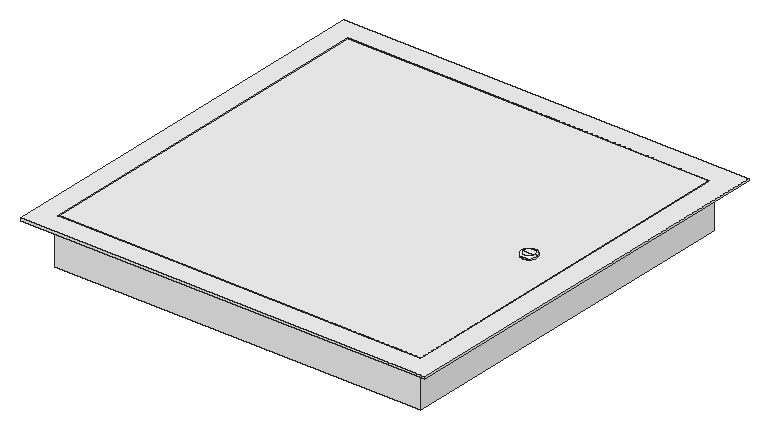
Revit family "Access_Door-Acudor-Fully_Gasketed-AS-9000_Series", category Specialty Equipment, host Face, Revit 2014
Parameters (values of type "AS-9000 12x12")
  Width = 12"
  Wall Mounted = not(Ceiling Mounted)  # yes
  URL = "http://acudor.com/"
  Type Comments = ""
  Standard Latch = no
  Spanner Head Cam Latch = no
  Product Page URL = "https://www.acudor.com/products/specialty-access-doors/as-9000"
  Product Documentation Link = "https://www.acudor.com/images/acudor/accessdoors/specialty/AS9000/PIS_AS9000.pdf"
  Model = "AS-9000 12x12"
  Material = "Stainless Steel-Acudor-White Alkyd Enamel"  # constant formula
  Manufacturer = "Acudor"  # constant formula
  Length = 1 1/2"  # constant formula
  Installation Type = if(Wall Mounted, "Wall Mounted", "Ceiling Mounted")  # "Wall Mounted"
  Height = 12"
  Finish = Stainless Steel-Acudor-White Alkyd Enamel
  Description = "Recessed Valve Boxes"  # constant formula
  Default Elevation = 48"
  Ceiling Mounted = no
  CL - Cylinder Lock (one per door) = no
  Assembly Code = "C1020700"
  Allen Head Cam Latch = no
Types (5): name | Width | Model | Height
  (no name) | 12" | "AS-9000 12x12" | 12"
  AS-9000 12x12 | 12" | "AS-9000 12x12" | 12"
  AS-9000 18x18 | 18" | "AS-9000 18x18" | 18"
  AS-9000 24x24 | 24" | "AS-9000 24x24" | 24"
  AS-9000 24x36 | 24" | "AS-9000 24x36" | 36"
Reference planes (in)
  plane 1 "Center (Front/Back)": y = 0
  plane 2: z = 0
  plane 3 "Center (Left/Right)": x = 0
  plane 4: y = 6
  plane 5: y = -6
  plane 6: x = 6
  plane 7: x = -6
  plane 8: z = 0.075
  plane 9: z = -1.425
  plane 10: x = -5.72424
  plane 11: x = -6.72424
  plane 12: x = 5.72424
  plane 13: x = 6.72424
  plane 14: y = -5.72424
  plane 15: y = -6.72424
  plane 16: y = 5.72424
  plane 17: y = 6.72424
  plane 18: x = 4.81512
Forms (in)
  Extrusion 1, void
    sketch origin (0, 0, 0) x (1, 0, 0) y (0, 1, 0)
      loop
        line (-6, 6) -> (-6, -6) -> (6, -6) -> (6, 6) -> (-6, 6)
    from -1.425 to 0.075
  Sweep 2, solid, material "Stainless Steel-Acudor-White Alkyd Enamel" <- "Finish"
    path origin (0, 0, 0) x (1, 0, 0) y (0, 1, 0)
      loop
        line (-6, 6) -> (-6, -6) -> (6, -6) -> (6, 6) -> (-6, 6)
    profile origin (0, 6, 0) x (0, 1, 0) y (0, 0, 1)
      loop
        line (0.07813, -1.425) -> (0.07813, 0) -> (0.72424, 0) -> (0.72424, 0.075) -> (0.03725, 0.075) -> (0.03725, 0) -> (0, 0) -> (0, 0.075) -> (-5.25, 0.075) -> (-5.25, -1.425) -> (0.07813, -1.425)
  Revolve 3, solid, material "Stainless Steel-Acudor-White Alkyd Enamel" <- "Finish"
    sketch origin (0, 0, 0) x (1, 0, 0) y (0, 0, 1)
      loop
        line (4.81512, 0.075) -> (5.06512, 0.075) -> (5.06512, 0.1061)
        arc (5.06512, 0.1061) -> (5.05191, 0.13798) -> (5.02003, 0.15118) r 0.04509
        line (5.02003, 0.15118) -> (4.81512, 0.15118) -> (4.81512, 0.075)
      axis (4.81512, 0.15118) -> (4.81512, 0.075)
    angle from 0 to 360
  Extrusion 4, solid, material "Stainless Steel-Acudor-White Alkyd Enamel" <- "Finish"
    sketch origin (0, 0, 0) x (1, 0, 0) y (0, 1, 0)
      loop
        line (-0.75, 0.75) -> (-0.75, -0.75) -> (0.75, -0.75) -> (0.75, 0.75) -> (-0.75, 0.75)
    from -1.425 to 0.075
Cuts and joins
  joined: Sweep 2, Revolve 3, Extrusion 4
Lines and regions (in)
  Masking region 1
    outline origin (0, 0, 0) x (1, 0, 0) y (0, 0, 1)
      loop
        line (6.72424, 0.075) -> (5.06512, 0.075) -> (5.06512, 0.10999)
        arc (5.06512, 0.10999) -> (5.05278, 0.13979) -> (5.02298, 0.15214) r 0.04214
        line (5.02298, 0.15214) -> (4.60726, 0.15214)
        arc (4.60726, 0.15214) -> (4.57746, 0.13979) -> (4.56512, 0.10999) r 0.04214
        line (4.56512, 0.10999) -> (4.56512, 0.075) -> (-6.72424, 0.075) -> (-6.72424, 0) -> (-6, 0) -> (-6, -1.425) -> (6, -1.425) -> (6, 0) -> (6.72424, 0) -> (6.72424, 0.075)
  symbolic lines, detail levels medium+fine
    curve 1: line (6, 0, 0) -> (-6, 0, 0)
    curve 2: line (5.06512, 0, 0.075) -> (4.56512, 0, 0.075)
Dimensions and locks (in)
  equal spacing: plane 4, plane 1 "Center (Front/Back)", plane 5
  "Height": plane 4 to plane 5
  equal spacing: plane 7, plane 3 "Center (Left/Right)", plane 6
  "Width": plane 7 to plane 6
  locked: host face to plane 8 at 0.075
  "Length": plane 9 to plane 8
  locked: plane 7 to plane 10 at 0.27576
  locked: plane 11 to plane 10 at 1
  locked: plane 13 to plane 12 at 1
  locked: plane 12 to plane 6 at 0.27576
  locked: plane 15 to plane 14 at 1
  locked: plane 17 to plane 16 at 1
  locked: plane 16 to plane 4 at 0.27576
  locked: plane 14 to plane 5 at 0.27576
  locked: plane 18 to plane 6 at 1.18488
  locked: plane 18 to Revolve 3 sketch curve at 0.25
  locked: plane 8 to Revolve 3 sketch curve at 0.07618
  equal spacing: Masking region 1 sketch curve, plane 18, Masking region 1 sketch curve
  locked: Masking region 1 sketch curve to Masking region 1 sketch curve at 0.5
  locked: plane 8 to Masking region 1 sketch curve at 0.07714
  locked: Sweep 2 sketch curve to plane 4 at 0.07813
  locked: Sweep 2 sketch curve to plane 4 at 0.03725
  locked: plane 4 to Sweep 2 sketch curve at 5.25
  aligned and locked: plane 2 to host face
  aligned and locked: level to host face
  aligned and locked: plane 9 to Extrusion 1
  aligned and locked: Extrusion 1 to plane 8
  aligned and locked: Sweep 2 sketch curve to plane 4
  aligned and locked: Sweep 2 sketch curve to plane 7
  aligned and locked: Sweep 2 sketch curve to plane 5
  aligned and locked: Sweep 2 sketch curve to plane 6
  aligned and locked: plane 9 to Sweep 2 sketch curve
  aligned and locked: plane 8 to Sweep 2 sketch curve  (x2)
  aligned and locked: Sweep 2 sketch curve to plane 17
  aligned and locked: plane 2 to Sweep 2 sketch curve
  aligned and locked: plane 13 to Masking region 1 sketch curve
  aligned and locked: Masking region 1 sketch curve to plane 8  (x2)
  aligned and locked: plane 6 to Masking region 1 sketch curve
  aligned and locked: plane 9 to Masking region 1 sketch curve
  aligned and locked: plane 7 to Masking region 1 sketch curve
  aligned and locked: Masking region 1 sketch curve to level  (x2)
  aligned and locked: plane 11 to Masking region 1 sketch curve
  aligned and locked: plane 7 to curve 1
  aligned and locked: plane 6 to curve 1
  aligned and locked: curve 1 to level
  aligned and locked: Revolve 3 sketch curve to plane 18
  aligned and locked: Revolve 3 sketch curve to plane 8
  aligned and locked: plane 18 to Revolve 3 sketch curve
  aligned and locked: Masking region 1 to curve 2
  aligned and locked: curve 2 to Masking region 1
  aligned and locked: Revolve 3 to plane 8
  aligned and locked: plane 4 to Sweep 2 sketch curve
  aligned and locked: level to Sweep 2 sketch curve
  aligned and locked: Extrusion 4 sketch curve to cut or joined group of Sweep 2, Revolve 3, Extrusion 4  (x4)
  aligned and locked: plane 9 to Extrusion 4
  aligned and locked: Extrusion 4 to plane 8
Automatic sketch dimensions
  host sketch curve to host sketch curve = 96"  (x2)
  plane 5 to Extrusion 1 sketch curve = 0"
  Extrusion 1 sketch curve to plane 7 = 0"
  Extrusion 1 sketch curve to plane 6 = 0"
  Extrusion 1 sketch curve to plane 4 = 0"
  Revolve 3 sketch curve to plane 8 = 0.0311"
  Revolve 3 sketch curve to level = 0.38591"
  Revolve 3 sketch curve to Revolve 3 sketch curve = 1/2"
  Masking region 1 sketch curve to plane 8 = 0.03499"  (x2)
  curve 2 to plane 8 = 0"
